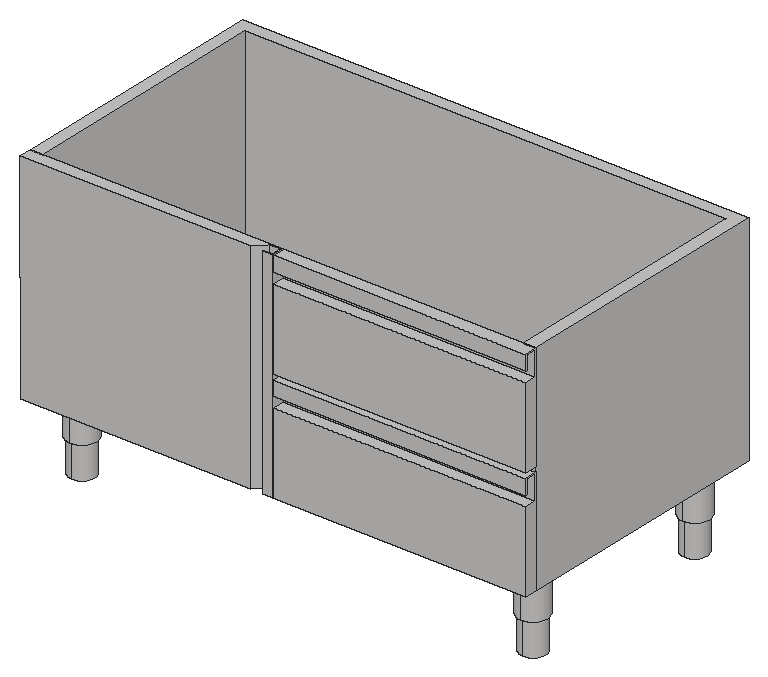
Revit family "QF_GIORIK_SUL1021", category Specialty Equipment, Revit 2014
Parameters (values of type "SUL1021")
  Weight in Pounds = 0
  URL Cutsheet = "www.giorik.com"
  URL = "www.giorik.com"
  Status [instance] = ""
  Specification by User [instance] = ""
  Specification by Manufacturer = ""
  Show Logo [instance] = yes
  Show Clearance [instance] = yes
  Serial Number = ""
  Seismic Rating = ""
  SMACNA No = ""
  Revision Code [instance] = ""
  NAFEM Spec ID Number = ""
  Model = "SUL1021"
  Masterspec = ""
  Manufacturer = "GIORIK"
  Item Number [instance] = ""
  Installed By [instance] = ""
  Identify Quantity as Lot [instance] = no
  Furnished By [instance] = ""
  Foodservice Equipment Identifier [instance] = yes
  Description = "NEUTRAL CUPBOARD WITH SHELF WITH 2 DRAWERS L=1000"
  CSI MasterFormat = ""
  Assembly Code = "E1090320"
Reference planes
  plane 1 "Back": y = 0
  plane 2: z = 0
  plane 3 "Left": x = 0
  plane 4 "Right": x = 1000
  plane 5 "Front": y = -600
  plane 6 "Top": z = 580
Forms (mm)
  Extrusion 1, solid
    sketch origin (-16, 1016.81, 0) x (1, 0, 0) y (0, 1, 0)
      loop
        line (25, -1086.81) -> (25, -1156.81) -> (115, -1156.81) -> (115, -1086.81) -> (25, -1086.81)
    from 148 to 150
  Extrusion 2, solid
    sketch origin (1016, 1016.81, 0) x (-1, 0, 0) y (0, -1, 0)
      loop
        line (25, 1086.81) -> (115, 1086.81) -> (115, 1156.81) -> (25, 1156.81) -> (25, 1086.81)
    from 148 to 150
  Extrusion 3, solid
    sketch origin (0, -40, 599.536) x (1, 0, 0) y (0, 1, 0)
      loop
        line (0, -525) -> (25, -525) -> (25, -25) -> (975, -25) -> (975, -525) -> (1000, -525) -> (1000, 0) -> (0, 0) -> (0, -525)
    from -449.536 to -19.536
  Extrusion 4, solid
    sketch origin (0, -40, 0) x (1, 0, 0) y (0, 1, 0)
      loop
        line (25, -25) -> (25, -525) -> (975, -525) -> (975, -25) -> (25, -25)
    from 150 to 175
  Extrusion 5, solid
    sketch origin (-16, 616.81, 0) x (1, 0, 0) y (0, 1, 0)
      loop
        line (25, -1086.81) -> (25, -1156.81) -> (115, -1156.81) -> (115, -1086.81) -> (25, -1086.81)
    from 148 to 150
  Revolve 6, solid
    sketch origin (54, 616.81, 0) x (0, 1, 0) y (0, 0, 1)
      loop
        line (-1092.56, 66) -> (-1092.56, 148) -> (-1121.81, 148) -> (-1121.81, 0) -> (-1096.81, 0) -> (-1096.81, 66) -> (-1092.56, 66)
      axis (-1121.81, 0) -> (-1121.81, 148)
    angle from 0 to 360
  Revolve 7, solid
    sketch origin (946, 616.81, 0) x (0, 1, 0) y (0, 0, 1)
      loop
        line (-1092.56, 66) -> (-1092.56, 148) -> (-1121.81, 148) -> (-1121.81, 0) -> (-1096.81, 0) -> (-1096.81, 66) -> (-1092.56, 66)
      axis (-1121.81, 0) -> (-1121.81, 148)
    angle from 0 to 360
  Revolve 8, solid
    sketch origin (946, 1016.81, 0) x (0, 1, 0) y (0, 0, 1)
      loop
        line (-1092.56, 66) -> (-1092.56, 148) -> (-1121.81, 148) -> (-1121.81, 0) -> (-1096.81, 0) -> (-1096.81, 66) -> (-1092.56, 66)
      axis (-1121.81, 0) -> (-1121.81, 148)
    angle from 0 to 360
  Revolve 9, solid
    sketch origin (54, 1016.81, 0) x (0, 1, 0) y (0, 0, 1)
      loop
        line (-1092.56, 66) -> (-1092.56, 148) -> (-1121.81, 148) -> (-1121.81, 0) -> (-1096.81, 0) -> (-1096.81, 66) -> (-1092.56, 66)
      axis (-1121.81, 0) -> (-1121.81, 148)
    angle from 0 to 360
  Extrusion 10, solid
    sketch origin (1016, 616.81, 0) x (-1, 0, 0) y (0, -1, 0)
      loop
        line (25, 1086.81) -> (115, 1086.81) -> (115, 1156.81) -> (25, 1156.81) -> (25, 1086.81)
    from 148 to 150
  Extrusion 11, solid
    sketch origin (500, 0, -67.327) x (0, 1, 0) y (0, 0, 1)
      loop
        line (-565, 437.327) -> (-565, 647.327) -> (-590, 647.327) -> (-590, 617.327) -> (-588, 617.327) -> (-588, 645.327) -> (-567, 645.327) -> (-567, 597.327) -> (-590, 597.327) -> (-590, 437.327) -> (-565, 437.327)
    from 0 to 500
  Extrusion 12, solid
    sketch origin (500, 0, -287.327) x (0, 1, 0) y (0, 0, 1)
      loop
        line (-565, 437.327) -> (-565, 647.327) -> (-590, 647.327) -> (-590, 617.327) -> (-588, 617.327) -> (-588, 645.327) -> (-567, 645.327) -> (-567, 597.327) -> (-590, 597.327) -> (-590, 437.327) -> (-565, 437.327)
    from 0 to 500
  Extrusion 13, solid, visible <- "Show Clearance", detail levels coarse
    sketch origin (632.284, 95, -40) x (0, 1, 0) y (0, 0, 1)
      loop
        line (-685, 410) -> (-685, 620) -> (-1210, 620) -> (-1210, 410) -> (-685, 410)
    from -132.284 to 367.716
  Extrusion 14, solid, visible <- "Show Clearance", detail levels coarse
    sketch origin (632.284, 95, -260) x (0, 1, 0) y (0, 0, 1)
      loop
        line (-685, 410) -> (-685, 620) -> (-1210, 620) -> (-1210, 410) -> (-685, 410)
    from -132.284 to 367.716
  Extrusion 15, solid, visible <- "Show Clearance", detail levels coarse
    sketch origin (5, -462.861, -10) x (1, 0, 0) y (0, 1, 0)
      loop
        line (-5, -122.139) -> (-5, -622.139)
        arc (-5, -622.139) -> (348.553, -475.692) -> (495, -122.139) r 500
        line (495, -122.139) -> (-5, -122.139)
    from 160 to 590
  Extrusion 16, solid
    sketch origin (505, -2, 1020) x (0, 1, 0) y (-1, 0, 0)
      loop
        line (-563, 5) -> (-563, 505) -> (-588, 505) -> (-588, 50) -> (-566.303, 30.855) -> (-566.303, 8) -> (-585, 8) -> (-585, 25) -> (-588, 25) -> (-588, 5) -> (-563, 5)
    from -870 to -440
Lines and regions (mm)
  symbolic lines, style "200-EquipHidden-2D", visible <- "Show Clearance", detail levels coarse
    curve 1: line (0, -40, 580) -> (1000, -40, 580)
    curve 2: line (0, -590, 580) -> (0, -40, 580)
    curve 3: line (1000, -590, 580) -> (0, -590, 580)
    curve 4: line (1000, -40, 580) -> (1000, -590, 580)
  symbolic lines, style "QF_Door-Drawer Clearances", visible <- "Show Clearance", detail levels coarse
    curve 5: line (500, -600, 580) -> (500, -1115, 580)
    curve 6: line (500, -1115, 580) -> (1000, -1115, 580)
    curve 7: line (1000, -1115, 580) -> (1000, -600, 580)
    curve 8: arc (0, -1085, 580) -> (348.263, -943.968, 580) -> (499.467, -600, 580) r 499.089
    curve 9: line (0, -1085, 580) -> (0, -600, 580)
Dimensions and locks
  plane 3 "Left" to plane 4 "Right" = 1000 mm
  plane 5 "Front" to plane 1 "Back" = 600 mm
  plane 4 "Right" to plane 3 "Left" = 1000 mm
  plane 1 "Back" to plane 5 "Front" = 600 mm
  plane 6 "Top" to level = 580 mm  (x2)
  aligned and locked: level to plane 2
